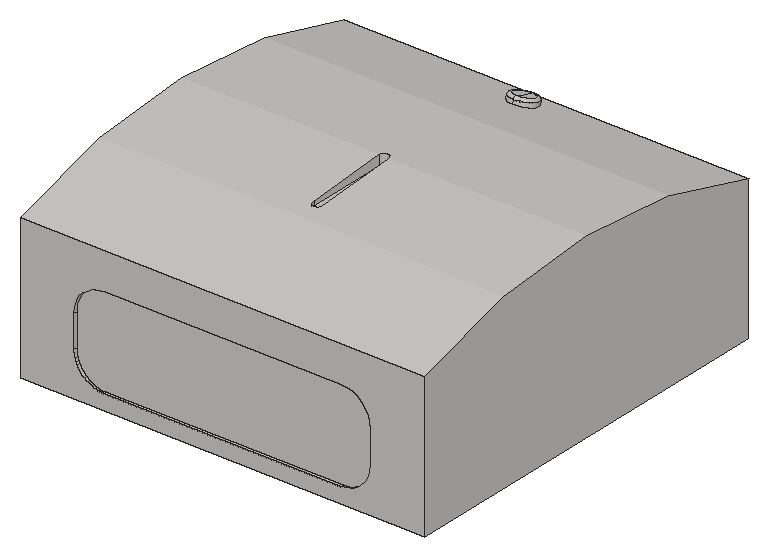
Revit family "PRD_AR_PprTwlDpnsrs_STRATOSPaperTowelDispenser_STRX600,STRX601", category Furniture, host Face, Revit 2018
Family settings
  Host = Face
  OmniClass Number = 23.40.20.21
  OmniClass Title = Toilet and Bath Specialties
  Cut with Voids When Loaded = No
  Shared = No
  Room Calculation Point = No
Parameters (values of type "STRX600")
  WarrantyStartDate [instance] = "1900-12-31T23:59:59"
  WarrantyGuarantorParts = "n/a"
  WarrantyGuarantorLabor = "n/a"
  WarrantyDurationUnit = "year"
  WarrantyDurationParts = "n/a"
  WarrantyDurationLabor = "n/a"
  WarrantyDescription = "n/a"
  Version = "1"
  Uniclass2015Version = "Products v1.10"
  Uniclass2015Title = "Paper towel dispensers"
  Uniclass2015Code = "Pr_40_70_22_62"
  URL = "www.kwc.com"
  TypeOfOperation = "Manual operation"
  TypeOfMounting = "Wall mounting"
  TypeOfFixing = "Screw"
  TypeOfConsumable2 = "n/a"
  TypeOfConsumable1 = "Paper towel"
  TagNumber [instance] = "n/a"
  SustainabilityPerformance = "n/a"
  SurfaceTreatment = "InoxPlus (anti fingerprint)"
  Style = "Paper towel dispenser"
  Size = "300 x 305 x 134 mm"
  Shape = "n/a"
  SerialNumber [instance] = "n/a"
  STRX601 = no
  STRX600 = yes
  Revision = "n/a"
  ReplacementCost = "n/a"
  ProductInformation = "https://pim.kwc.com/product/2000057205/attachment/datasheet?locale=en"
  Operation = "Manual"
  NominalWidth = 300.00 mm
  NominalLength = 300.00 mm
  NominalHeight = 305.00 mm
  NominalDepth = 134.00 mm
  NetWeight = 3.40 kg
  Name = "STRATOS paper towel dispenser STRX600"
  NBSTypeID = "n/a"
  NBSReference = "45-35-72/344"
  NBSOfficeMasterTag = "n/a"
  NBSNote = "n/a"
  NBSDescription = "Paper towel dispensers"
  NBSCertification = "n/a"
  ModelReference = "STRX600"
  ModelNumber = "2000057205"
  Model = ModelReference  # "STRX600"
  MaterialCode = "Stainless steel 1.4301"
  Material = "Stainless steel"
  ManufacturerURL = "www.kwc.com"
  ManufacturerName = "KWC Group AG"  # constant formula
  Manufacturer = ManufacturerName  # "KWC Group AG"
  MainColor = "Stainless steel"
  Lock = "key-lock"
  IntegralAccessories = "Incl. stainless steel screws and dowels"
  InstallationDate [instance] = "1900-12-31T23:59:59"
  IfcExportType = "NOTDEFINED"
  IfcExportAs = "IfcFurnitureType"
  GrossWeight = 3.86 kg
  Grade = "n/a"
  Form = "Wall mounted"
  Finish = "Satin finished"
  FillingQuantity2 = "n/a"
  FillingQuantity1 = "400 towels"
  Features = "stainless steel, 1.50 mm, satin finished, wall mounting, 300x305x134 mm (WxHxD)"
  ExpectedLife = "n/a"
  DurationUnit = "year"
  DispenserMaterial = PRD_AR_StainlessSteel_SatinFinished
  Description = "Paper towel dispenser for wall mounting, stainless steel, surface satin finished, front with InoxPlus surface refinement for the reduction of finger marks and better cleaning characteristics (easy to clean), material thickness 1.5 mm, curved front cover, cylinder lock with KWC standard key, inspection window on front, loading capacity 300 - 400 pcs. of paper depending on convolution, incl. stainless steel screws and dowels."
  Default Elevation = 1200.00 mm
  CreatedOn = "12/2018"  # constant formula
  Constituents = "n/a"
  Color = "Stainless steel"
  CodePerformance = "n/a"
  Category = "Pr_40_70_22_62, Paper towel dispensers"
  BarCode [instance] = "n/a"
  BIMObjectName = "PRD_AR_PaperTowelDispensers_STRATOSPaperTowelDispenser_STRX600"
  Author = "Archispace"  # constant formula
  AssetType = "Fixed"
  AssetIdentifier [instance] = "n/a"
  AccessibilityPerformance = "n/a"
Types (2, lengths in mm): name | Uniclass2015Title | Uniclass2015Code | TypeOfConsumable2 | Size | STRX601 | STRX600 | ProductInformation | NominalWidth | NominalLength | NominalHeight | NetWeight | Name | NBSReference | NBSDescription | ModelReference | ModelNumber | Model | GrossWeight | FillingQuantity2 | Features | Description | Category | BIMObjectName
  STRX601 | "n/a" | "Pr_40_70_22" | "Liquid soap" | "396 x 304 x 134 mm" | yes | no | "https://pim.kwc.com/product/2000057209/attachment/datasheet?locale=en" | 396.00 | 396.00 | 304.00 | 4.67 kg | "Combination Paper Towel And Soap Dispenser STRX601" | "n/a" | "Dispensers and acceptance units" | "STRX601" | "2000057209" | "STRX601" | 5.00 kg | "0.8 liter" | "For wall mounting. Dimensions: 396 x 304 x 134 mm (W x H x D)" | "Paper towel-, soap dispenser combination for wall mounting, stainless steel, surface satin finished, front with InoxPlus surface refinement for the reduction of finger marks and better cleaning characteristics (easy to clean), material thickness 1.5 mm, curved front cover, cylinder lock with KWC standard key, inspection windows on front, paper towel dispenser with loading capacity 300 - 400 pcs. of paper depending on convolution, suitable for liquid soaps and lotions, 0.8 liter soap tank, push lever, incl. stainless steel screws and dowels." | "Pr_40_70_22, Dispensers and acceptance units" | "PRD_AR_DispensersAndAcceptanceUnits_CombinationPaperTowelAndSoapDispenser_STRX601"
  STRX600 | "Paper towel dispensers" | "Pr_40_70_22_62" | "n/a" | "300 x 305 x 134 mm" | no | yes | "https://pim.kwc.com/product/2000057205/attachment/datasheet?locale=en" | 300.00 | 300.00 | 305.00 | 3.40 kg | "STRATOS paper towel dispenser STRX600" | "45-35-72/344" | "Paper towel dispensers" | "STRX600" | "2000057205" | "STRX600" | 3.86 kg | "n/a" | "stainless steel, 1.50 mm, satin finished, wall mounting, 300x305x134 mm (WxHxD)" | "Paper towel dispenser for wall mounting, stainless steel, surface satin finished, front with InoxPlus surface refinement for the reduction of finger marks and better cleaning characteristics (easy to clean), material thickness 1.5 mm, curved front cover, cylinder lock with KWC standard key, inspection window on front, loading capacity 300 - 400 pcs. of paper depending on convolution, incl. stainless steel screws and dowels." | "Pr_40_70_22_62, Paper towel dispensers" | "PRD_AR_PaperTowelDispensers_STRATOSPaperTowelDispenser_STRX600"
Reference planes
  plane 1 "Center (Front/Back)": y = 0
  plane 2: z = 0
  plane 3 "Center (Left/Right)": x = 0
  plane 4: x = -198
  plane 5: x = 198
  plane 6: x = -48
  plane 7: x = 150
Forms (mm)
  Extrusion 1, solid, material "PRD_AR_StainlessSteel_SatinFinished" <- "DispenserMaterial", visible <- "STRX601", detail levels fine
    sketch origin (0, 0, 0) x (0, 1, 0) y (0, 0, 1)
      loop
        line (0, 106.266) -> (0, 0) -> (305, 0) -> (305, 106.266)
        arc (305, 106.266) -> (152.5, 134.003) -> (0, 106.266) r 433.095
    from -198 to 198
  Extrusion 2, void
    sketch origin (-48, 0, 0) x (1, 0, 0) y (0, 1, 0)
      loop
        line (-3.5, 149.593) -> (-3.5, 88.711)
        arc (-3.5, 88.711) -> (0, 85.211) -> (3.5, 88.711) r 3.5
        line (3.5, 88.711) -> (3.5, 149.593)
        arc (3.5, 149.593) -> (0, 153.093) -> (-3.5, 149.593) r 3.5
    from 126.942 to 143.538
  Revolve 3, solid, material "PRD_AR_StainlessSteel_SatinFinished" <- "DispenserMaterial", visible <- "STRX601", detail levels fine
    sketch origin (-48, 85.671, 1220.627) x (0, 1, 0) y (0, 0, 1)
      loop
        arc (187.082, -1098.484) -> (185.557, -1098.609) -> (184.566, -1099.776) r 2
        line (184.566, -1099.776) -> (183.755, -1102.299) -> (193.25, -1105.353) -> (194.674, -1100.927) -> (187.082, -1098.484)
      axis (194.674, -1100.927) -> (193.25, -1105.353)
    angle from 0 to 360
  Extrusion 4, void
    sketch origin (0, 0, 0) x (1, 0, 0) y (0, 0, 1)
      loop
        line (40.01, 79.5) -> (-135.99, 79.5)
        arc (-135.99, 79.5) -> (-151.546, 73.056) -> (-157.99, 57.5) r 22
        line (-157.99, 57.5) -> (-157.99, 33.5)
        arc (-157.99, 33.5) -> (-151.546, 17.944) -> (-135.99, 11.5) r 22
        line (-135.99, 11.5) -> (40.01, 11.5)
        arc (40.01, 11.5) -> (55.566, 17.944) -> (62.01, 33.5) r 22
        line (62.01, 33.5) -> (62.01, 57.5)
        arc (62.01, 57.5) -> (55.566, 73.056) -> (40.01, 79.5) r 22
    from 0 to -2
  Extrusion 5, void
    sketch origin (150, 0, 0) x (1, 0, 0) y (0, 1, 0)
      loop
        line (-3.5, 149.593) -> (-3.5, 88.711)
        arc (-3.5, 88.711) -> (0, 85.211) -> (3.5, 88.711) r 3.5
        line (3.5, 88.711) -> (3.5, 149.593)
        arc (3.5, 149.593) -> (0, 153.093) -> (-3.5, 149.593) r 3.5
    from 126.942 to 143.538
  Extrusion 6, solid, material "PRD_AR_StainlessSteel_SatinFinished" <- "DispenserMaterial", visible <- "STRX601", detail levels fine
    sketch origin (150, 0, 0) x (0, 1, 0) y (0, 0, 1)
      loop
        line (-2.523, 29.815) -> (0, 28.988) -> (0, 35.061)
        arc (0, 35.061) -> (-3.195, 35.804) -> (-6.458, 35.474) r 10
        line (-6.458, 35.474) -> (-17.912, 32.356)
        arc (-17.912, 32.356) -> (-19.949, 28.796) -> (-16.389, 26.76) r 2.9
        line (-16.389, 26.76) -> (-4.935, 29.877)
        arc (-4.935, 29.877) -> (-3.724, 30.023) -> (-2.523, 29.815) r 4.2
    from -12.5 to 12.5
  Extrusion 7, solid, material "PRD_AR_StainlessSteel_SatinFinished" <- "DispenserMaterial", visible <- "STRX601", detail levels medium
    sketch origin (0, 0, 0) x (0, 1, 0) y (0, 0, 1)
      loop
        line (0, 106.266) -> (0, 0) -> (305, 0) -> (305, 106.266)
        arc (305, 106.266) -> (152.5, 134.003) -> (0, 106.266) r 433.095
    from -198 to 198
  Extrusion 8, solid, material "PRD_AR_StainlessSteel_SatinFinished" <- "DispenserMaterial", visible <- "STRX601", detail levels coarse
    sketch origin (0, 0, 0) x (0, 1, 0) y (0, 0, 1)
      loop
        line (305, 0) -> (305, 134.016) -> (0, 134.016) -> (0, 0) -> (305, 0)
    from -198 to 198
  Extrusion 9, solid, material "PRD_AR_StainlessSteel_SatinFinished" <- "DispenserMaterial", visible <- "STRX600", detail levels fine
    sketch origin (-0.01, 0, 0) x (0, 1, 0) y (0, 0, 1)
      loop
        line (0, 106.266) -> (0, 0) -> (300, 0) -> (300, 106.266)
        arc (300, 106.266) -> (150, 134) -> (0, 106.266) r 419.5
    from -150 to 150
  Extrusion 10, void
    sketch origin (-0.01, 0, 0) x (1, 0, 0) y (0, 1, 0)
      loop
        line (-3.5, 149.593) -> (-3.5, 88.711)
        arc (-3.5, 88.711) -> (0, 85.211) -> (3.5, 88.711) r 3.5
        line (3.5, 88.711) -> (3.5, 149.593)
        arc (3.5, 149.593) -> (0, 153.093) -> (-3.5, 149.593) r 3.5
    from 126.942 to 143.538
  Revolve 11, solid, material "PRD_AR_StainlessSteel_SatinFinished" <- "DispenserMaterial", visible <- "STRX600", detail levels fine
    sketch origin (-0.01, 0, 0) x (0, 1, 0) y (0, 0, 1)
      loop
        arc (272.294, 120.716) -> (270.768, 120.591) -> (269.777, 119.424) r 2
        line (269.777, 119.424) -> (268.966, 116.901) -> (278.462, 113.847) -> (279.886, 118.273) -> (272.294, 120.716)
      axis (279.886, 118.273) -> (278.462, 113.847)
    angle from 0 to 360
  Extrusion 12, void
    sketch origin (-0.01, 0, 0) x (1, 0, 0) y (0, 0, 1)
      loop
        line (88.01, 79.5) -> (-87.99, 79.5)
        arc (-87.99, 79.5) -> (-103.546, 73.056) -> (-109.99, 57.5) r 22
        line (-109.99, 57.5) -> (-109.99, 33.5)
        arc (-109.99, 33.5) -> (-103.546, 17.944) -> (-87.99, 11.5) r 22
        line (-87.99, 11.5) -> (88.01, 11.5)
        arc (88.01, 11.5) -> (103.566, 17.944) -> (110.01, 33.5) r 22
        line (110.01, 33.5) -> (110.01, 57.5)
        arc (110.01, 57.5) -> (103.566, 73.056) -> (88.01, 79.5) r 22
    from 0 to -2
  Extrusion 13, solid, material "PRD_AR_StainlessSteel_SatinFinished" <- "DispenserMaterial", visible <- "STRX600", detail levels medium
    sketch origin (-0.01, 0, 0) x (0, 1, 0) y (0, 0, 1)
      loop
        line (300, 0) -> (300, 106.266)
        arc (300, 106.266) -> (150, 134) -> (0, 106.266) r 419.5
        line (0, 106.266) -> (0, 0) -> (300, 0)
    from -150 to 150
  Extrusion 14, solid, material "PRD_AR_StainlessSteel_SatinFinished" <- "DispenserMaterial", visible <- "STRX600", detail levels coarse
    sketch origin (-0.01, 0, 0) x (0, 1, 0) y (0, 0, 1)
      loop
        line (300, 0) -> (300, 134) -> (0, 134) -> (0, 0) -> (300, 0)
    from -150 to 150
Cuts and joins
  Extrusion 2, Extrusion 4, Extrusion 5, Extrusion 12 cuts Extrusion 1
  Extrusion 10, Extrusion 12 cuts Extrusion 9
Dimensions and locks
  plane 4 to plane 3 "Center (Left/Right)" = 198.00 mm
  plane 3 "Center (Left/Right)" to plane 5 = 198.00 mm
  aligned and locked: plane 2 to host face
  aligned and locked: level to host face
